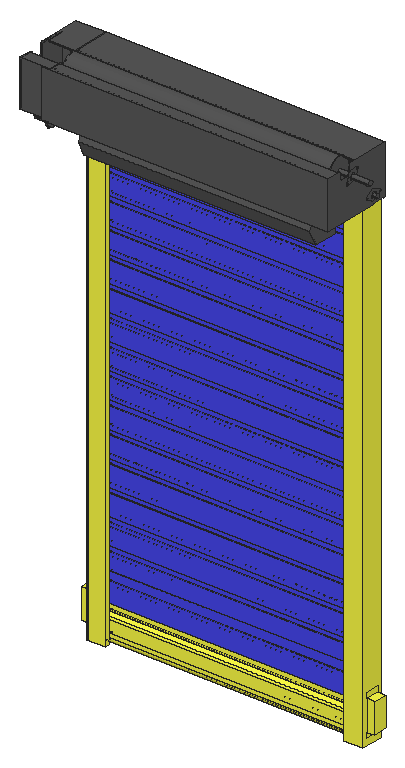
Revit family "Door_Overhead_WD_High-Speed-Doors-887", category Doors, host Wall, Revit 2018
Family settings
  Host = Wall
  OmniClass Number = 23.30.10.00
  OmniClass Title = Doors
  Always vertical = Yes
  Cut with Voids When Loaded = No
  Shared = No
  Room Calculation Point = No
Parameters (values of type "High Speed Freezer Door 887 - Heated Air Curtain")
  Top Box = Finishes - Top Box
  Thickness = 0.000"  # constant formula
  Side Cover = Finishes - Side Cover
  Rough Height = 0.000"  # constant formula
  Shutter Open [instance] = no
  Width = 120.000"
  URL = "https://www.overheaddoor.com/high-speed-doors-998"
  Specification = "https://www.overheaddoor.com/high-speed-doors-997"
  Model = "Overhead Door 997 - Heated Air Curtain"
  Min Max Width = ""
  Min Max Height = ""
  Keynote = ""
  E = 14.08984"
  D = 14.53125"
  Curtain Shutter = Finishes - Curtain Shutter
  Shutter Close [instance] = not(Shutter Open)  # yes
  CAD Details = ""
  C = 22.322"
  B = 31.625"
  Array X1 [instance] = Height  # 216.000"
  Rough Width = 0.000"  # constant formula
  Product Data = "https://www.overheaddoor.com/Documents/high-speed-doors-brochure-997.pdf"
  Manufacturer Website = "https://www.overheaddoor.com/"
  Height = 216.000"
  Wall Closure = By host
  Door Height [instance] = (Array X1 / 14.000") / 1 + 2  # 17
  Copyright = "Arcat, Inc. ©2019"
  Air Curtain = yes
  A = if(and(Height < 96.250", Height < 96.250"), 36.000", 42.000")  # 42.000"
Reference planes (in)
  plane 1 "Center (Front/Back)": y = 0
  plane 2 "Center (Left/Right)": x = 1.59215
  plane 3 "Left": x = -58.40785
  plane 4 "Right": x = 61.59215
  plane 5 "Top": z = 216
  plane 6 "Exterior": y = 3
  plane 7 "Interior": y = -3
  plane 8: x = -65.02678
  plane 9: y = -13.369
  plane 10: x = -64.77678
  plane 11: z = 231.80249
  plane 12: x = -78.43985
  plane 13: x = -78.18985
  plane 14: x = 69.90759
  plane 15: x = 70.15759
  plane 16: y = -23
  plane 17 "2": z = 218.25558
  plane 18 "4": x = 68.21108
  plane 19 "6": x = -55.90784
  plane 20 "7": x = 59.09215
  plane 21 "9": x = 79.46715
  plane 22: y = -26.69351
  plane 23: y = -17.14725
  plane 24: y = -4.20975
  plane 25: z = 240.41176
  plane 26: z = 228.64875
  plane 27: y = -37.5
  plane 28: z = 0
  plane 29: y = -8.1845
  plane 30: z = 16.01528
  plane 31: z = 31.625
  plane 32: z = 247.625
  plane 33: z = 258
  plane 34: z = 238.322
  plane 35: y = -12.16226
  plane 36: y = -11.43541
  plane 37: y = -4.9345
  plane 38: z = 234.322
  plane 39: z = 219.85724
  plane 40: z = 233.94708
  plane 41: y = -31.6785
  plane 42: z = 216
  plane 43 "22": x = 72.21108
  plane 44: x = -69.02678
Forms (in)
  Sweep 1, solid, material "Finishes - Side Cover" <- "Side Cover"
    path origin (18, -3, 48) x (1, 0, 0) y (0, 0, 1)
      loop
        line (-73.90784, -48) -> (-73.90784, 186.322)
    profile origin (-55.90784, -3, 117.161) x (-1, 0, 0) y (0, -1, 0)
      loop
        line (0, 0) -> (9.11893, 0) -> (9.11893, 10.369) -> (0, 10.369) -> (0, 8.43541) -> (0.375, 8.43541) -> (0.375, 9.994) -> (8.74393, 9.994) -> (8.74393, 0.375) -> (0.375, 0.375) -> (0.375, 1.9345) -> (0, 1.9345) -> (0, 0)
  Sweep 2, solid, material "Finishes - Side Cover" <- "Side Cover"
    path origin (18, -3, 48) x (1, 0, 0) y (0, 0, 1)
      loop
        line (41.09215, -48) -> (41.09215, 186.322)
    profile origin (59.09215, -3, 117.161) x (-1, 0, 0) y (0, -1, 0)
      loop
        line (0, 10.369) -> (-9.11893, 10.369) -> (-9.11893, 0) -> (0, 0) -> (0, 1.9345) -> (-0.375, 1.9345) -> (-0.375, 0.375) -> (-8.74397, 0.375) -> (-8.74397, 9.994) -> (-0.375, 9.994) -> (-0.375, 8.43541) -> (0, 8.43541) -> (0, 10.369)
  Extrusion 3, solid, material "Finishes - Side Cover" <- "Side Cover"
    sketch origin (18, -3, 48) x (1, 0, 0) y (0, 0, 1)
      loop
        line (-83.30277, -27.01674) -> (-87.02678, -27.36586) -> (-87.02678, -41.63414) -> (-83.30277, -41.98327) -> (-83.30277, -44.25) -> (-83.02678, -44.25) -> (-83.02678, -24.75) -> (-83.30277, -24.75) -> (-83.30277, -27.01674)
    from 1.9345 to 8.43541
  Extrusion 4, solid, material "Finishes - Side Cover" <- "Side Cover"
    sketch origin (-14.8125, -3, 48) x (-1, 0, 0) y (0, 0, -1)
      loop
        line (-83.30277, 27.01674) -> (-83.30277, 24.75) -> (-83.02358, 24.75) -> (-83.02358, 44.25) -> (-83.30277, 44.25) -> (-83.30277, 41.98327) -> (-87.02358, 41.45797) -> (-87.02358, 27.54203) -> (-83.30277, 27.01674)
    from 1.9345 to 8.43541
  Extrusion 5, solid, material "Finishes - Side Cover" <- "Side Cover"
    sketch origin (1.59215, 0, 0) x (0, 1, 0) y (0, 0, 1)
      loop
        line (-11.43541, 231.80249) -> (-9.89722, 228.64875) -> (-9.14722, 228.64875) -> (-10.68541, 231.80249) -> (-11.43541, 231.80249)
    from -60 to -57.5
  Extrusion 6, solid, material "Finishes - Side Cover" <- "Side Cover"
    sketch origin (1.59215, 0, 0) x (0, 1, 0) y (0, 0, 1)
      loop
        line (-9.14722, 228.64875) -> (-10.68541, 231.80249) -> (-11.43541, 231.80249) -> (-9.89722, 228.64875) -> (-9.14722, 228.64875)
    from 57.5 to 60
Lines and regions (in)
  Opening 1
    outline origin (-90, -3, 0) x (1, 0, 0) y (0, 0, 1)
      loop
        line (31.59215, 0) -> (151.59215, 0) -> (151.59215, 216) -> (31.59215, 216) -> (31.59215, 0)
  model lines, style "Blue Lien"
    curve 1: line (-55.90784, -13.369, 0) -> (59.09215, -13.369, 0)
Text (in)
  text "Exterior" at (-130.69003, 56.06294, 0), in view "Ref. Level"
  text "Interior" at (-74.96733, -25.14366, 0), in view "Ref. Level"
  text "Exterior" at (0, 40.15149, 123.01588), in view "Right"
  text "Interior" at (0, -64.39139, 123.01588), in view "Right"
  text "Interior" at (0, -31.01599, 123.00693), in view "Left"
  text "Exterior" at (0, 54.57065, 123.00693), in view "Left"
Dimensions and locks (in)
  "Height": level to plane 5 "Top"
  locked: plane 9 to host wall at 10.369
  locked: plane 8 to plane 10 at 0.25
  locked: plane 12 to plane 13 at 0.25
  locked: plane 14 to plane 15 at 0.25
  equal spacing: plane 7 "Interior", plane 29, plane 9, locked at 5.1845 each
  equal spacing: group 1, group 3, group 4, group 5, group 6, group 7, group 8, group 9, group 10, group 11, group 12, group 13, group 14, group 15, group 16, group 17, group 2  (x2)
  equal spacing: group 2, group 17, group 16, group 15, group 14, group 13, group 12, group 11, group 10, group 9, group 8, group 7, group 6, group 5, group 4, group 3, group 1
  locked: plane 15 to plane 21 "9" at 9.30957
  locked: Sweep 1 sketch curve to plane 9 at 0.375
  locked: plane 8 to Sweep 1 sketch curve at 0.375
  locked: plane 37 to plane 7 "Interior" at 1.9345
  locked: plane 36 to plane 9 at 1.93359
  plane 5 "Top" to plane 26 to plane 11 to plane 38 to plane 25 = 12.64875" locked, 3.15375" locked, 2.51951" locked, 6.08976" locked
  locked: plane 26 to plane 17 "2" at 10.39317
  "Array X1": plane 28 to plane 5 "Top"
  plane 5 "Top" to plane 25 = 24.41176"
  "A": plane 5 "Top" to plane 33
  "B": plane 5 "Top" to plane 32
  "C": plane 5 "Top" to plane 34
  locked: plane 7 "Interior" to plane 27 at 34.5
  locked: plane 7 "Interior" to plane 16 at 20
  plane 16 to plane 22 = 3.69351"
  locked: plane 31 to plane 30 at 15.60972
  locked: plane 30 to plane 28 at 16.01528
  locked: plane 38 to plane 40 at 0.37492
  "E": plane 40 to plane 39
  "D": plane 41 to plane 23
  locked: plane 41 to plane 27 at 5.8215
  level to plane 5 "Top" = 216.000"
  plane 11 to plane 30 = 215.78721"
  plane 33 to plane 40 = 24.05292"
  locked: plane 42 to plane 5 "Top"
  "Width": plane 3 "Left" to plane 4 "Right"
  locked: plane 3 "Left" to plane 19 "6" at 2.5
  plane 3 "Left" to plane 2 "Center (Left/Right)" = 60.000"
  plane 2 "Center (Left/Right)" to plane 4 "Right" = 60.000"
  locked: plane 20 "7" to plane 4 "Right" at 2.5
  plane 3 "Left" to plane 4 "Right" = 120.000"
  plane 19 "6" to plane 10 = 8.86893"
  locked: plane 20 "7" to plane 18 "4" at 9.11893
  locked: plane 8 to plane 19 "6" at 9.11893
  locked: plane 18 "4" to plane 15 at 1.94651
  plane 19 "6" to plane 20 "7" = 114.99999"  (x2)
  plane 8 to plane 18 "4" = 133.23786"  (x2)
  Extrusion 3 to Extrusion 4 = 141.23786"
  equal spacing: plane 8, plane 2 "Center (Left/Right)", plane 18 "4"
  locked: plane 8 to plane 44 at 4
  locked: plane 18 "4" to plane 43 "22" at 4
  plane 43 "22" to plane 44 = 141.23786"
  plane 12 to plane 3 "Left" = 20.032"
  aligned and locked: plane 3 "Left" to Opening 1 sketch curve
  aligned and locked: plane 5 "Top" to Opening 1 sketch curve  (x2)
  aligned and locked: Opening 1 sketch curve to plane 4 "Right"
  aligned and locked: Opening 1 sketch curve to level
  aligned and locked: plane 6 "Exterior" to host wall
  aligned and locked: plane 7 "Interior" to host wall
  aligned and locked: Sweep 1 sketch curve to plane 19 "6"
  aligned and locked: level to Sweep 1 sketch curve
  aligned and locked: Sweep 1 sketch curve to profile plane
  aligned and locked: profile plane to Sweep 1 sketch curve
  aligned and locked: Sweep 2 sketch curve to plane 20 "7"  (x2)
  aligned and locked: level to Sweep 2 sketch curve
  aligned and locked: Sweep 2 sketch curve to plane 9
  aligned and locked: Sweep 2 sketch curve to plane 7 "Interior"
  aligned and locked: plane 18 "4" to Sweep 2 sketch curve
  aligned and locked: plane 18 "4" to Extrusion 4
  aligned and locked: plane 2 "Center (Left/Right)" to nested 1
  aligned and locked: nested 1 to plane 29
  aligned and locked: nested 3 to plane 30
  aligned and locked: plane 7 "Interior" to nested 5
  aligned and locked: plane 2 "Center (Left/Right)" to nested 5
  aligned and locked: nested 5 to plane 5 "Top"  (x2)
  aligned and locked: Sweep 1 sketch curve to plane 9
  aligned and locked: Sweep 1 sketch curve to plane 8
  aligned and locked: plane 36 to Sweep 1 sketch curve
  aligned and locked: plane 37 to Sweep 1 sketch curve
  aligned and locked: Sweep 2 sketch curve to plane 37
  aligned and locked: Sweep 2 sketch curve to plane 36
  aligned and locked: nested 3 to plane 29
  aligned and locked: nested 2 to plane 29
  aligned and locked: plane 11 to nested 2
  aligned and locked: plane 38 to Sweep 1 sketch curve
  aligned and locked: plane 38 to Sweep 2 sketch curve
  aligned and locked: plane 26 to Extrusion 5 sketch curve
  aligned and locked: Extrusion 5 sketch curve to plane 11
  aligned and locked: Extrusion 5 sketch curve to plane 26
  aligned and locked: Extrusion 6 sketch curve to Extrusion 5  (x4)
  aligned and locked: Extrusion 6 to plane 4 "Right"
  aligned and locked: plane 20 "7" to Extrusion 6
  aligned and locked: plane 3 "Left" to Extrusion 5
  aligned and locked: Extrusion 5 to plane 19 "6"
  aligned and locked: plane 19 "6" to curve 1
  aligned and locked: plane 20 "7" to curve 1
  aligned and locked: curve 1 to plane 9
  aligned and locked: Extrusion 3 to plane 36
  aligned and locked: plane 37 to Extrusion 3
  aligned and locked: plane 37 to Extrusion 4
  aligned and locked: Extrusion 4 to plane 36
  aligned and locked: nested 12 to plane 5 "Top"
  aligned and locked: nested 12 to plane 29
  aligned and locked: host wall to plane 5 "Top"
  aligned and locked: plane 2 "Center (Left/Right)" to nested 16
  aligned and locked: plane 2 "Center (Left/Right)" to nested 17
  aligned and locked: plane 2 "Center (Left/Right)" to nested 18
  aligned and locked: plane 2 "Center (Left/Right)" to nested 19
  aligned and locked: plane 2 "Center (Left/Right)" to nested 20
  aligned and locked: plane 2 "Center (Left/Right)" to nested 4
  aligned and locked: plane 2 "Center (Left/Right)" to nested 3
  aligned and locked: plane 2 "Center (Left/Right)" to nested 2
  aligned and locked: Extrusion 4 to plane 43 "22"  (x3)
  aligned and locked: Extrusion 3 to plane 44  (x4)
Automatic sketch dimensions
  Sweep 1 sketch curve to profile plane = 0.000"
  Sweep 1 sketch curve to Sweep 1 sketch curve = 0.375"  (x2)
  plane 7 "Interior" to Sweep 1 sketch curve = 0.375"
  Sweep 2 sketch curve to profile plane = 0.000"
  Sweep 2 sketch curve to Sweep 2 sketch curve = 0.37497"
  profile plane to Sweep 2 sketch curve = 0.375"  (x2)
  plane 7 "Interior" to Sweep 2 sketch curve = 0.375"
  Sweep 2 sketch curve to Sweep 2 sketch curve = 0.375"
  Extrusion 3 sketch curve to plane 8 = 0.000"
  Extrusion 3 sketch curve to plane 8 = 0.27599"  (x2)
  level to Extrusion 3 sketch curve = 3.750"
  Extrusion 3 sketch curve to Extrusion 3 sketch curve = 2.26673"  (x2)
  Extrusion 3 sketch curve to Extrusion 3 sketch curve = 0.34912"  (x2)
  Extrusion 3 sketch curve to Extrusion 3 sketch curve = 14.26828"
  plane 18 "4" to Extrusion 4 sketch curve = 0.000"
  Extrusion 4 sketch curve to Extrusion 4 sketch curve = 0.27919"  (x2)
  level to Extrusion 4 sketch curve = 23.250"
  Extrusion 4 sketch curve to Extrusion 4 sketch curve = 2.26673"  (x2)
  Extrusion 4 sketch curve to Extrusion 4 sketch curve = 0.5253"  (x2)
  level to Extrusion 4 sketch curve = 6.54203"
  Extrusion 3 sketch curve to Extrusion 3 sketch curve = 3.72401"
  Extrusion 5 sketch curve to plane 36 = 0.000"
  plane 36 to Extrusion 5 sketch curve = 0.750"
  plane 36 to Extrusion 5 sketch curve = 1.53818"
  Extrusion 5 sketch curve to Extrusion 5 sketch curve = 0.750"
  plane 43 "22" to Extrusion 4 sketch curve = 0.000"
Nested families (in)
  nested 1: "Roller02" at (1.59215, -8.1845, 0), Lenght <- "Width", visible <- "Shutter Close", type "Roller02"
    with Lenght 120.000"
  nested 2: "Roller01" at (1.59215, -8.1845, 217.1775), Lenght <- "Width", visible <- "Shutter Close", type "Roller01"
    with Lenght 120.000"
  nested 3: "Roller01" at (1.59215, -8.1845, 16.01528), Lenght <- "Width", visible <- "Shutter Close", type "Roller01"
    with Lenght 120.000"
  nested 4: "Roller01" at (1.59215, -8.1845, 204.60486), Lenght <- "Width", visible <- "Shutter Close", type "Roller01"
    with Lenght 120.000"
  nested 5: "Roller Box" at (0.19519, -3, 216), type "Roller Box"
    with Width 120.000", Air Curtain yes
  nested 6: "Roller01" at (1.59215, -8.1845, 192.03222), Lenght <- "Width", visible <- "Shutter Close", type "Roller01"
    with Lenght 120.000"
  nested 7: "Roller01" at (1.59215, -8.1845, 179.45958), Lenght <- "Width", visible <- "Shutter Close", type "Roller01"
    with Lenght 120.000"
  nested 8: "Roller01" at (1.59215, -8.1845, 166.88694), Lenght <- "Width", visible <- "Shutter Close", type "Roller01"
    with Lenght 120.000"
  nested 9: "Roller01" at (1.59215, -8.1845, 154.31431), Lenght <- "Width", visible <- "Shutter Close", type "Roller01"
    with Lenght 120.000"
  nested 10: "Roller01" at (1.59215, -8.1845, 141.74167), Lenght <- "Width", visible <- "Shutter Close", type "Roller01"
    with Lenght 120.000"
  nested 11: "Roller01" at (1.59215, -8.1845, 129.16903), Lenght <- "Width", visible <- "Shutter Close", type "Roller01"
    with Lenght 120.000"
  nested 12: "Roller02" at (1.59215, -8.1845, 216), Lenght <- "Width", visible <- "Shutter Open", type "Roller02"
    with Lenght 120.000"
  nested 13: "Roller01" at (1.59215, -8.1845, 116.59639), Lenght <- "Width", visible <- "Shutter Close", type "Roller01"
    with Lenght 120.000"
  nested 14: "Roller01" at (1.59215, -8.1845, 104.02375), Lenght <- "Width", visible <- "Shutter Close", type "Roller01"
    with Lenght 120.000"
  nested 15: "Roller01" at (1.59215, -8.1845, 91.45111), Lenght <- "Width", visible <- "Shutter Close", type "Roller01"
    with Lenght 120.000"
  nested 16: "Roller01" at (1.59215, -8.1845, 78.87847), Lenght <- "Width", visible <- "Shutter Close", type "Roller01"
    with Lenght 120.000"
  nested 17: "Roller01" at (1.59215, -8.1845, 66.30584), Lenght <- "Width", visible <- "Shutter Close", type "Roller01"
    with Lenght 120.000"
  nested 18: "Roller01" at (1.59215, -8.1845, 53.7332), Lenght <- "Width", visible <- "Shutter Close", type "Roller01"
    with Lenght 120.000"
  nested 19: "Roller01" at (1.59215, -8.1845, 41.16056), Lenght <- "Width", visible <- "Shutter Close", type "Roller01"
    with Lenght 120.000"
  nested 20: "Roller01" at (1.59215, -8.1845, 28.58792), Lenght <- "Width", visible <- "Shutter Close", type "Roller01"
    with Lenght 120.000"
Definition of nested family "Roller02"
  Parameters (values of type "Roller02")
    Lenght [instance] = 60.000"
    Frame = none
    Default Elevation = 48.000"
  Reference planes (in)
    plane 1 "Center (Front/Back)": y = 0
    plane 2: z = 0
    plane 3 "Center (Left/Right)": x = 0
    plane 4: x = -30
    plane 5: x = 30
    plane 6: z = 0
  Forms (in)
    Extrusion 1, solid, material <- "Frame"
      sketch origin (0, 1.61561, 0) x (0, 1, 0) y (0, 0, 1)
        loop
          line (-0.92561, 16.01528) -> (-1.99311, 16.01528) -> (-1.99311, 8.70278) -> (-3.70242, 8.70278) -> (-3.70242, 4.01528) -> (-2.34776, 4.01528) -> (-2.34776, 1.07778)
          arc (-2.34776, 1.07778) -> (-1.38433, 0.11435) -> (-0.4209, 1.07778) r 0.96343
          line (-0.4209, 1.07778) -> (-0.4209, 4.01528) -> (0.88878, 4.01528) -> (0.88878, 8.70278) -> (-0.92561, 8.70278) -> (-0.92561, 16.01528)
        loop
          line (1.28889, 7.28978) -> (1.28889, 5.03978) -> (1.44095, 5.03978) -> (1.44095, 7.28978) -> (1.28889, 7.28978)
        loop
          line (-4.09311, 7.28978) -> (-4.24311, 7.28978) -> (-4.24311, 5.03978) -> (-4.09311, 5.03978) -> (-4.09311, 7.28978)
        loop
          line (0.51633, 8.32778) -> (-3.42118, 8.32778) -> (-3.42118, 7.95278) -> (0.51633, 7.95278) -> (0.51633, 8.32778)
        loop
          line (-0.32742, 6.45278) -> (-2.57742, 6.45278) -> (-2.57742, 4.20278) -> (-0.32742, 4.20278) -> (-0.32742, 6.45278)
        loop
          arc (-1.99507, 2.03398) -> (-1.35867, 1.58398) -> (-0.72228, 2.03398) r 0.675
          line (-0.72228, 2.03398) -> (-0.76408, 2.55814) -> (-0.88905, 2.55814)
          arc (-0.88905, 2.55814) -> (-1.00155, 2.67064) -> (-0.88905, 2.78314) r 0.1125
          line (-0.88905, 2.78314) -> (-0.78203, 2.78314) -> (-0.79705, 2.97148) -> (-1.04856, 3.03648) -> (-1.66878, 3.03648) -> (-1.9203, 2.97148) -> (-1.93532, 2.78314) -> (-1.8283, 2.78314)
          arc (-1.8283, 2.78314) -> (-1.7158, 2.67064) -> (-1.8283, 2.55814) r 0.1125
          line (-1.8283, 2.55814) -> (-1.95327, 2.55814) -> (-1.99507, 2.03398)
        loop
          arc (-1.65128, 0.64454) -> (-1.35867, 0.5765) -> (-1.06607, 0.64454) r 0.66319
          line (-1.06607, 0.64454) -> (-1.27028, 1.00309)
          arc (-1.27028, 1.00309) -> (-1.30233, 0.99601) -> (-1.33492, 0.9921) r 0.33653
          arc (-1.33492, 0.9921) -> (-1.35867, 0.9911) -> (-1.38242, 0.9921) r 0.28076
          arc (-1.38242, 0.9921) -> (-1.41502, 0.99601) -> (-1.44707, 1.00309) r 0.33653
          line (-1.44707, 1.00309) -> (-1.65128, 0.64454)
        loop
          arc (-1.50069, 1.50346) -> (-1.80107, 1.63028) -> (-2.02186, 1.87019) r 0.76875
          line (-2.02186, 1.87019) -> (-2.02186, 1.23969)
          arc (-2.02186, 1.23969) -> (-1.94057, 0.92154) -> (-1.71661, 0.68139) r 0.66319
          line (-1.71661, 0.68139) -> (-1.51683, 1.03215)
          arc (-1.51683, 1.03215) -> (-1.66134, 1.27303) -> (-1.50069, 1.50346) r 0.25843
        loop
          arc (-1.21666, 1.50346) -> (-1.05601, 1.27303) -> (-1.20052, 1.03215) r 0.25843
          line (-1.20052, 1.03215) -> (-1.00074, 0.68139)
          arc (-1.00074, 0.68139) -> (-0.77678, 0.92154) -> (-0.69549, 1.23969) r 0.66319
          line (-0.69549, 1.23969) -> (-0.69549, 1.87019)
          arc (-0.69549, 1.87019) -> (-0.91628, 1.63028) -> (-1.21666, 1.50346) r 0.76875
        loop
          line (-1.09293, 3.15898) -> (-1.09293, 3.30662) -> (-0.7493, 3.30662) -> (-0.7493, 3.89717) -> (-1.97875, 3.89717) -> (-1.97875, 3.30662) -> (-1.62442, 3.30662) -> (-1.62442, 3.15898) -> (-2.09686, 3.15898) -> (-2.09686, 1.23969)
          arc (-2.09686, 1.23969) -> (-1.35867, 0.5015) -> (-0.62048, 1.23969) r 0.73819
          line (-0.62048, 1.23969) -> (-0.62048, 3.15898) -> (-1.09293, 3.15898)
        loop
          line (-2.09686, 4.01528) -> (-2.09686, 3.18851) -> (-2.18544, 3.18851) -> (-2.18544, 1.24136)
          arc (-2.18544, 1.24136) -> (-1.35951, 0.41292) -> (-0.5319, 1.23969) r 0.82677
          line (-0.5319, 1.23969) -> (-0.5319, 3.18779) -> (-0.62048, 3.18949) -> (-0.62048, 4.01528) -> (-2.09686, 4.01528)
        loop
          circle (-1.35867, 3.26628) r 0.1125
        loop
          line (-2.8118, 4.20278) -> (-2.8118, 7.19305) -> (-3.1868, 7.19305) -> (-3.1868, 4.20278) -> (-2.8118, 4.20278)
        loop
          line (0.18072, 7.19305) -> (-0.1868, 7.19305) -> (-0.1868, 4.20278) -> (0.18072, 4.20278) -> (0.18072, 7.19305)
      from -30 to 30
    Extrusion 2, solid, material <- "Frame"
      sketch origin (0, 1.61561, 0) x (0, 1, 0) y (0, 0, 1)
        loop
          arc (-3.7071, 11.82114) -> (-4.14569, 11.3006) -> (-4.30311, 10.63838) r 1.47156
          line (-4.30311, 10.63838) -> (-4.30311, 5.03978) -> (-4.24311, 5.03978) -> (-4.24311, 10.63838)
          arc (-4.24311, 10.63838) -> (-4.0921, 11.2736) -> (-3.6714, 11.77291) r 1.41156
          line (-3.6714, 11.77291) -> (-2.01741, 12.99729)
          arc (-2.01741, 12.99729) -> (-1.99953, 13.01852) -> (-1.99311, 13.04552) r 0.06
          line (-1.99311, 13.04552) -> (-1.99311, 16.01528) -> (-2.05311, 16.01528) -> (-2.05311, 13.04552) -> (-3.7071, 11.82114)
        loop
          arc (1.50095, 10.63838) -> (1.34352, 11.3006) -> (0.90493, 11.82114) r 1.47156
          line (0.90493, 11.82114) -> (-0.86561, 13.1318) -> (-0.86561, 16.01528) -> (-0.92561, 16.01528) -> (-0.92561, 13.1233)
          arc (-0.92561, 13.1233) -> (-0.91919, 13.0963) -> (-0.90131, 13.07508) r 0.06
          line (-0.90131, 13.07508) -> (0.86924, 11.76441)
          arc (0.86924, 11.76441) -> (1.28994, 11.2651) -> (1.44095, 10.62989) r 1.41156
          line (1.44095, 10.62989) -> (1.44095, 5.03978) -> (1.50095, 5.03978) -> (1.50095, 10.63838)
        loop
          line (-4.03311, 2.68718) -> (-4.03311, 7.28978) -> (-4.09311, 7.28978) -> (-4.09311, 2.68718)
          arc (-4.09311, 2.68718) -> (-1.40211, -0.00382) -> (1.28889, 2.68718) r 2.691
          line (1.28889, 2.68718) -> (1.28889, 7.28978) -> (1.22889, 7.28978) -> (1.22889, 2.68718)
          arc (1.22889, 2.68718) -> (-1.40211, 0.05618) -> (-4.03311, 2.68718) r 2.631
      from -30 to 30
  Dimensions and locks (in)
    equal spacing: plane 5, plane 3 "Center (Left/Right)", plane 4
    "Lenght": plane 5 to plane 4
    aligned and locked: plane 2 to level
    aligned and locked: plane 5 to Extrusion 1
    aligned and locked: plane 5 to Extrusion 2
    aligned and locked: Extrusion 1 to plane 4
    aligned and locked: Extrusion 2 to plane 4
    aligned and locked: Extrusion 1 to plane 5
    aligned and locked: plane 4 to Extrusion 1
    aligned and locked: Extrusion 2 to Extrusion 1 sketch curve
    aligned and locked: level to plane 6
  Automatic sketch dimensions
    Extrusion 2 sketch curve to Extrusion 2 sketch curve = 0.000"  (x9)
    plane 1 "Center (Front/Back)" to Extrusion 2 sketch curve = 2.6875"
    Extrusion 2 sketch curve to Extrusion 2 sketch curve = 0.060"  (x5)
    Extrusion 2 sketch curve to Extrusion 2 sketch curve = 0.53601"
    Extrusion 2 sketch curve to Extrusion 2 sketch curve = 0.0357"  (x3)
    Extrusion 2 sketch curve to Extrusion 2 sketch curve = 1.41156"
    plane 1 "Center (Front/Back)" to Extrusion 2 sketch curve = 0.4375"
    level to Extrusion 2 sketch curve = 5.03978"  (x2)
    Extrusion 2 sketch curve to Extrusion 2 sketch curve = 5.5986"
    Extrusion 2 sketch curve to Extrusion 2 sketch curve = 1.22438"
    Extrusion 2 sketch curve to Extrusion 2 sketch curve = 2.96976"
    Extrusion 2 sketch curve to Extrusion 2 sketch curve = 0.0085"  (x2)
    Extrusion 2 sketch curve to plane 1 "Center (Front/Back)" = 0.690"
    Extrusion 2 sketch curve to Extrusion 2 sketch curve = 0.0243"
    Extrusion 2 sketch curve to plane 1 "Center (Front/Back)" = 1.645"
    Extrusion 2 sketch curve to plane 1 "Center (Front/Back)" = 2.48485"
    Extrusion 2 sketch curve to plane 1 "Center (Front/Back)" = 3.05656"
    Extrusion 2 sketch curve to Extrusion 2 sketch curve = 2.36741"
    Extrusion 2 sketch curve to Extrusion 2 sketch curve = 0.02956"
    Extrusion 2 sketch curve to Extrusion 2 sketch curve = 0.150"
    Extrusion 2 sketch curve to plane 1 "Center (Front/Back)" = 0.2135"
    level to Extrusion 2 sketch curve = 2.68718"
    Extrusion 2 sketch curve to Extrusion 2 sketch curve = 2.250"  (x2)
    Extrusion 1 sketch curve to Extrusion 1 sketch curve = 0.000"  (x38)
    plane 1 "Center (Front/Back)" to Extrusion 1 sketch curve = 2.6275"
    Extrusion 1 sketch curve to Extrusion 1 sketch curve = 0.150"
    Extrusion 1 sketch curve to Extrusion 1 sketch curve = 0.39068"
    Extrusion 1 sketch curve to Extrusion 1 sketch curve = 0.28125"
    Extrusion 1 sketch curve to Extrusion 1 sketch curve = 0.23438"  (x2)
    Extrusion 1 sketch curve to Extrusion 1 sketch curve = 0.375"  (x3)
    plane 1 "Center (Front/Back)" to Extrusion 1 sketch curve = 0.73215"
    plane 1 "Center (Front/Back)" to Extrusion 1 sketch curve = 0.56984"
    Extrusion 1 sketch curve to Extrusion 1 sketch curve = 0.08858"  (x2)
    plane 1 "Center (Front/Back)" to Extrusion 1 sketch curve = 0.40625"
    Extrusion 1 sketch curve to Extrusion 1 sketch curve = 0.02679"  (x2)
    plane 1 "Center (Front/Back)" to Extrusion 1 sketch curve = 0.3775"
    Extrusion 1 sketch curve to Extrusion 1 sketch curve = 0.11811"  (x3)
    plane 1 "Center (Front/Back)" to Extrusion 1 sketch curve = 0.33766"
    Extrusion 1 sketch curve to Extrusion 1 sketch curve = 0.01794"
    Extrusion 1 sketch curve to Extrusion 1 sketch curve = 0.01502"
    Extrusion 1 sketch curve to Extrusion 1 sketch curve = 0.12497"  (x2)
    plane 1 "Center (Front/Back)" to Extrusion 1 sketch curve = 0.101"
    plane 1 "Center (Front/Back)" to Extrusion 1 sketch curve = 0.05318"
    plane 1 "Center (Front/Back)" to Extrusion 1 sketch curve = 0.03567"
    plane 1 "Center (Front/Back)" to Extrusion 1 sketch curve = 0.00881"
    Extrusion 1 sketch curve to plane 1 "Center (Front/Back)" = 0.09878"
    Extrusion 1 sketch curve to Extrusion 1 sketch curve = 0.06976"  (x2)
    Extrusion 1 sketch curve to plane 1 "Center (Front/Back)" = 0.21254"
    Extrusion 1 sketch curve to Extrusion 1 sketch curve = 0.06274"
    Extrusion 1 sketch curve to Extrusion 1 sketch curve = 0.04436"  (x2)
    Extrusion 1 sketch curve to plane 1 "Center (Front/Back)" = 0.25693"  (x2)
    Extrusion 1 sketch curve to Extrusion 1 sketch curve = 0.04439"  (x2)
    Extrusion 1 sketch curve to Extrusion 1 sketch curve = 0.00006"
    Extrusion 1 sketch curve to Extrusion 1 sketch curve = 0.11405"
    Extrusion 1 sketch curve to Extrusion 1 sketch curve = 0.26575"
    Extrusion 1 sketch curve to Extrusion 1 sketch curve = 0.13445"
    Extrusion 1 sketch curve to Extrusion 1 sketch curve = 0.06533"
    Extrusion 1 sketch curve to plane 1 "Center (Front/Back)" = 0.690"
    Extrusion 1 sketch curve to Extrusion 1 sketch curve = 0.15952"
    Extrusion 1 sketch curve to Extrusion 1 sketch curve = 0.092"
    Extrusion 1 sketch curve to Extrusion 1 sketch curve = 0.10702"
    Extrusion 1 sketch curve to Extrusion 1 sketch curve = 0.3284"
    Extrusion 1 sketch curve to Extrusion 1 sketch curve = 0.0418"
    Extrusion 1 sketch curve to Extrusion 1 sketch curve = 0.12882"
    Extrusion 1 sketch curve to plane 1 "Center (Front/Back)" = 1.28818"
    Extrusion 1 sketch curve to Extrusion 1 sketch curve = 0.14062"
    Extrusion 1 sketch curve to Extrusion 1 sketch curve = 0.36752"
    Extrusion 1 sketch curve to Extrusion 1 sketch curve = 0.33561"
    Extrusion 1 sketch curve to Extrusion 1 sketch curve = 0.37246"
    Extrusion 1 sketch curve to Extrusion 1 sketch curve = 0.77257"
    Extrusion 1 sketch curve to Extrusion 1 sketch curve = 0.15206"
    Extrusion 1 sketch curve to Extrusion 1 sketch curve = 7.3125"
    Extrusion 1 sketch curve to Extrusion 1 sketch curve = 0.663"  (x2)
    Extrusion 1 sketch curve to Extrusion 1 sketch curve = 0.75974"  (x2)
    Extrusion 1 sketch curve to Extrusion 1 sketch curve = 0.74026"
    Extrusion 1 sketch curve to Extrusion 1 sketch curve = 2.250"
    Extrusion 1 sketch curve to Extrusion 1 sketch curve = 1.413"
    Extrusion 1 sketch curve to Extrusion 1 sketch curve = 0.837"  (x2)
    Extrusion 1 sketch curve to Extrusion 1 sketch curve = 0.1875"  (x4)
    Extrusion 1 sketch curve to Extrusion 1 sketch curve = 0.59055"
    Extrusion 1 sketch curve to Extrusion 1 sketch curve = 0.04033"
    Extrusion 1 sketch curve to Extrusion 1 sketch curve = 0.11713"
    Extrusion 1 sketch curve to Extrusion 1 sketch curve = 0.0017"
    Extrusion 1 sketch curve to Extrusion 1 sketch curve = 0.14764"  (x2)
    Extrusion 1 sketch curve to Extrusion 1 sketch curve = 0.1225"
    Extrusion 1 sketch curve to Extrusion 1 sketch curve = 0.18835"  (x2)
    Extrusion 1 sketch curve to Extrusion 1 sketch curve = 0.1125"  (x2)
    Extrusion 1 sketch curve to Extrusion 1 sketch curve = 0.29915"
    Extrusion 1 sketch curve to Extrusion 1 sketch curve = 0.52415"
    Extrusion 1 sketch curve to Extrusion 1 sketch curve = 0.16379"  (x2)
    Extrusion 1 sketch curve to Extrusion 1 sketch curve = 0.5424"
    Extrusion 1 sketch curve to Extrusion 1 sketch curve = 0.05594"
    Extrusion 1 sketch curve to Extrusion 1 sketch curve = 0.00766"  (x2)
    Extrusion 1 sketch curve to Extrusion 1 sketch curve = 0.62883"
    Extrusion 1 sketch curve to Extrusion 1 sketch curve = 0.0245"
    Extrusion 1 sketch curve to Extrusion 1 sketch curve = 0.16191"
    Extrusion 1 sketch curve to Extrusion 1 sketch curve = 0.04563"  (x2)
    Extrusion 1 sketch curve to Extrusion 1 sketch curve = 0.02907"  (x2)
    Extrusion 1 sketch curve to Extrusion 1 sketch curve = 0.03684"
    Extrusion 1 sketch curve to Extrusion 1 sketch curve = 0.06465"
    radius of Extrusion 1 sketch curve = 0.1125"
Definition of nested family "Roller01"
  Parameters (values of type "Roller01")
    Lenght [instance] = 60.000"
    Frame = none
    Default Elevation = 48.000"
  Reference planes (in)
    plane 1 "Center (Front/Back)": y = 0
    plane 2: z = 0
    plane 3 "Center (Left/Right)": x = 0
    plane 4: x = -30
    plane 5: x = 30
  Forms (in)
    Extrusion 1, solid, material <- "Frame"
      sketch origin (0, 1.55905, 0) x (0, 1, 0) y (0, 0, 1)
        loop
          line (-1.18405, 8.4375) -> (-1.93405, 8.4375) -> (-1.93405, 0) -> (-1.18405, 0) -> (-1.18405, 8.4375)
        loop
          line (-0.05905, 13.21875) -> (-0.80905, 13.21875) -> (-0.80905, 8.53125) -> (-0.05905, 8.53125) -> (-0.05905, 13.21875)
      from -30 to 30
    Extrusion 2, solid, material <- "Frame"
      sketch origin (0, 1.55905, 0) x (0, 1, 0) y (0, 0, 1)
        loop
          line (-1.86647, 10.05367) -> (-0.9195, 9.05424)
          arc (-0.9195, 9.05424) -> (-0.88143, 8.99469) -> (-0.86811, 8.92528) r 0.1875
          line (-0.86811, 8.92528) -> (-0.86811, 0) -> (-0.80905, 0) -> (-0.80905, 7.125) -> (-0.75, 7.125) -> (-0.75, 7.73265)
          arc (-0.75, 7.73265) -> (-0.72488, 7.8264) -> (-0.65625, 7.89503) r 0.1875
          line (-0.65625, 7.89503) -> (-0.12328, 8.20274)
          arc (-0.12328, 8.20274) -> (-0.03303, 8.29298) -> (0, 8.41626) r 0.24656
          line (0, 8.41626) -> (0, 13.33373)
          arc (0, 13.33373) -> (-0.03303, 13.45701) -> (-0.12328, 13.54725) r 0.24656
          line (-0.12328, 13.54725) -> (-0.65625, 13.85497)
          arc (-0.65625, 13.85497) -> (-0.72488, 13.9236) -> (-0.75, 14.01735) r 0.1875
          line (-0.75, 14.01735) -> (-0.75, 14.625) -> (-0.80905, 14.625) -> (-0.80905, 14.01735)
          arc (-0.80905, 14.01735) -> (-0.77602, 13.89407) -> (-0.68578, 13.80382) r 0.24656
          line (-0.68578, 13.80382) -> (-0.1528, 13.49611)
          arc (-0.1528, 13.49611) -> (-0.08417, 13.42748) -> (-0.05905, 13.33373) r 0.1875
          line (-0.05905, 13.33373) -> (-0.05905, 8.41626)
          arc (-0.05905, 8.41626) -> (-0.08417, 8.32251) -> (-0.1528, 8.25388) r 0.1875
          line (-0.1528, 8.25388) -> (-0.68578, 7.94617)
          arc (-0.68578, 7.94617) -> (-0.77602, 7.85593) -> (-0.80905, 7.73265) r 0.24656
          line (-0.80905, 7.73265) -> (-0.80905, 8.92528)
          arc (-0.80905, 8.92528) -> (-0.82657, 9.01655) -> (-0.87663, 9.09486) r 0.24656
          line (-0.87663, 9.09486) -> (-1.82361, 10.09429)
          arc (-1.82361, 10.09429) -> (-1.86168, 10.15384) -> (-1.875, 10.22325) r 0.1875
          line (-1.875, 10.22325) -> (-1.875, 10.77674)
          arc (-1.875, 10.77674) -> (-1.86168, 10.84615) -> (-1.82361, 10.9057) r 0.1875
          line (-1.82361, 10.9057) -> (-0.87663, 11.90514)
          arc (-0.87663, 11.90514) -> (-0.82657, 11.98344) -> (-0.80905, 12.07472) r 0.24656
          line (-0.80905, 12.07472) -> (-0.80905, 12.56885) -> (-0.86811, 12.56885) -> (-0.86811, 12.07472)
          arc (-0.86811, 12.07472) -> (-0.88143, 12.00531) -> (-0.9195, 11.94576) r 0.1875
          line (-0.9195, 11.94576) -> (-1.86647, 10.94632)
          arc (-1.86647, 10.94632) -> (-1.91654, 10.86802) -> (-1.93405, 10.77674) r 0.24656
          line (-1.93405, 10.77674) -> (-1.93405, 14.625) -> (-1.99311, 14.625) -> (-1.99311, 0) -> (-1.93405, 0) -> (-1.93405, 10.22325)
          arc (-1.93405, 10.22325) -> (-1.91654, 10.13198) -> (-1.86647, 10.05367) r 0.24656
      from -30 to 30
  Dimensions and locks (in)
    equal spacing: plane 5, plane 3 "Center (Left/Right)", plane 4
    "Lenght": plane 5 to plane 4
    aligned and locked: plane 2 to level
    aligned and locked: plane 5 to Extrusion 1
    aligned and locked: plane 5 to Extrusion 2
    aligned and locked: Extrusion 1 to plane 4
    aligned and locked: Extrusion 2 to plane 4
    aligned and locked: Extrusion 1 to plane 5
    aligned and locked: plane 4 to Extrusion 1
    aligned and locked: Extrusion 2 sketch curve to Extrusion 1  (x2)
  Automatic sketch dimensions
    Extrusion 1 sketch curve to level = 0.000"
    plane 1 "Center (Front/Back)" to Extrusion 1 sketch curve = 0.375"
    Extrusion 1 sketch curve to Extrusion 1 sketch curve = 0.750"
    Extrusion 1 sketch curve to Extrusion 1 sketch curve = 0.375"
    Extrusion 1 sketch curve to plane 1 "Center (Front/Back)" = 1.500"
    level to Extrusion 1 sketch curve = 8.4375"
    Extrusion 1 sketch curve to Extrusion 1 sketch curve = 0.09375"
    Extrusion 1 sketch curve to Extrusion 1 sketch curve = 4.6875"
    Extrusion 2 sketch curve to Extrusion 2 sketch curve = 0.000"  (x20)
    Extrusion 2 sketch curve to level = 0.000"
    Extrusion 2 sketch curve to Extrusion 2 sketch curve = 0.05906"  (x8)
    Extrusion 2 sketch curve to Extrusion 2 sketch curve = 0.00852"  (x2)
    Extrusion 2 sketch curve to Extrusion 2 sketch curve = 0.04287"  (x4)
    plane 1 "Center (Front/Back)" to Extrusion 2 sketch curve = 0.12844"  (x2)
    Extrusion 2 sketch curve to plane 1 "Center (Front/Back)" = 0.50345"  (x2)
    Extrusion 2 sketch curve to Extrusion 2 sketch curve = 0.13611"  (x2)
    Extrusion 2 sketch curve to Extrusion 2 sketch curve = 0.1875"  (x2)
    Extrusion 2 sketch curve to plane 1 "Center (Front/Back)" = 0.69095"
    Extrusion 2 sketch curve to plane 1 "Center (Front/Back)" = 0.750"
    Extrusion 2 sketch curve to Extrusion 2 sketch curve = 0.06422"  (x2)
    Extrusion 2 sketch curve to Extrusion 2 sketch curve = 0.02953"  (x4)
    Extrusion 2 sketch curve to Extrusion 2 sketch curve = 0.09375"  (x4)
    Extrusion 2 sketch curve to Extrusion 2 sketch curve = 0.43922"  (x2)
    level to Extrusion 2 sketch curve = 7.125"
    Extrusion 2 sketch curve to Extrusion 2 sketch curve = 0.60765"  (x3)
    Extrusion 2 sketch curve to Extrusion 2 sketch curve = 0.05114"
    Extrusion 2 sketch curve to Extrusion 2 sketch curve = 0.30771"  (x2)
    Extrusion 2 sketch curve to Extrusion 2 sketch curve = 0.50901"
    Extrusion 2 sketch curve to Extrusion 2 sketch curve = 0.99944"  (x2)
    Extrusion 2 sketch curve to Extrusion 2 sketch curve = 0.04062"  (x2)
    Extrusion 2 sketch curve to Extrusion 2 sketch curve = 0.55349"
    Extrusion 2 sketch curve to Extrusion 2 sketch curve = 0.49413"
    Extrusion 2 sketch curve to Extrusion 2 sketch curve = 0.76488"
Definition of nested family "Roller Box"
  Parameters (values of type "Roller Box")
    Width = 116.94651"
    Air Curtain = no
    Frame Finish = none
    E = 14.08984"
    Default Elevation = 48.000"
    D = 14.53125"
    C = 22.322"
    B = 31.625"
    A = 42.000"
  Reference planes (in)
    plane 1 "Center (Front/Back)": y = 0
    plane 2: z = 0
    plane 3 "Center (Left/Right)": x = 1.39697
    plane 4 "Left": x = -52.82629
    plane 5 "Right": x = 55.62022
    plane 6: x = -62.75479
    plane 7: x = -62.50479
    plane 8: z = 42
    plane 9: z = 17.94708
    plane 10: x = -77.10816
    plane 11: x = -76.85816
    plane 12: x = 68.37022
    plane 13: x = 68.62022
    plane 14 "2": z = 3.85724
    plane 15 "4": x = 62.49522
    plane 16 "5": x = -66.04878
    plane 17 "8": x = 70.87022
    plane 18 "9": x = 77.74522
    plane 19: z = 35.875
    plane 20: z = 22.322
    plane 21 "10": x = -67.1395
    plane 22 "11": x = -68.37966
    plane 23 "12": x = -68.97434
    plane 24 "13": x = -75.79071
    plane 25: z = 14.79333
    plane 26 "14": x = -71.91571
    plane 27: y = -9.16226
    plane 28: y = -23.69351
    plane 29 "Center L/S": z = 10.90216
    plane 30: y = -20
    plane 31: y = -34.5
    plane 32: y = -7.18
    plane 33: z = 0
    plane 34: y = -15.1425
    plane 35: y = -5.10187
    plane 36: z = 40.0036
    plane 37: z = 24.125
    plane 38: y = -4.42969
    plane 39 "Center L/T": x = 68.84825
    plane 40: x = -77.35816
    plane 41: z = 13.74646
    plane 42: y = -28.69351
    plane 43: y = -14.16226
    plane 44 "Center L/U": x = 59.87022
    plane 45 "Center L/V": x = -57.07629
  Forms (in)
    Extrusion 1, solid, material <- "Frame Finish"
      sketch origin (1.39697, 20.25, -174.46648) x (0, 1, 0) y (0, 0, 1)
        loop
          line (-54.75, 215.28539) -> (-54.75, 192.78848) -> (-54.375, 192.78848) -> (-54.375, 214.91039) -> (-48.4737, 214.91039) -> (-48.4737, 215.28539) -> (-54.75, 215.28539)
      from -67.44575 to 67.22326
    Extrusion 2, solid, material <- "Frame Finish", visible <- "Air Curtain"
      sketch origin (1.39697, -2, -175.17742) x (0, 1, 0) y (0, 0, 1)
        loop
          line (-23.38958, 179.03465) -> (-12.16226, 179.03465) -> (-12.16226, 193.12449) -> (-23.38958, 193.12449) -> (-26.69351, 186.07957) -> (-23.38958, 179.03465)
      from -54.22325 to 54.22325
    Extrusion 3, solid, material <- "Frame Finish"
      sketch origin (1.39697, 3, -175.17742) x (0, 1, 0) y (0, 0, 1)
        loop
          line (-10.18, 193.12449) -> (-10.18, 193.49942) -> (-37.5, 193.49942) -> (-37.5, 193.12449) -> (-10.18, 193.12449)
        loop
          line (-3, 217.17742) -> (-21.48517, 217.17742) -> (-21.48517, 216.80242) -> (-3.375, 216.80242) -> (-3.375, 193.12449) -> (-3, 193.12449) -> (-3, 217.17742)
      from -64.15175 to 67.22326
    Extrusion 4, solid, material <- "Frame Finish"
      sketch origin (1.39697, 3, -175.17742) x (0, 1, 0) y (0, 0, 1)
        loop
          circle (-23, 211.05242) r 6.375
        loop
          circle (-23, 211.05242) r 6.25
      from -64.15175 to 61.09826
    Extrusion 5, solid, material <- "Frame Finish"
      sketch origin (1.39697, 3, -175.17742) x (0, 1, 0) y (0, 0, 1)
        loop
          circle (-23, 211.05242) r 6.25
      from -63.90175 to 61.09826
    Extrusion 6, solid, material <- "Frame Finish"
      sketch origin (1.39697, 3, -175.17742) x (0, 1, 0) y (0, 0, 1)
        loop
          circle (-23, 211.05242) r 1.09429
      from -67.44575 to 76.34825
    Extrusion 7, solid, material <- "Frame Finish"
      sketch origin (1.39697, 3, -175.17742) x (0, 1, 0) y (0, 0, 1)
        loop
          circle (-10.18, 197.49942) r 0.84527
      from -67.44575 to 69.47326
    Revolve 8, solid, material <- "Frame Finish"
      sketch origin (-234.12708, -25.95831, 108.71345) x (0, 0, 1) y (-1, 0, 0)
        loop
          line (-93.92011, -166.98758) -> (-93.92011, -165.74742) -> (-97.54569, -165.74742) -> (-97.54569, -165.90307) -> (-96.18368, -165.90307) -> (-96.18368, -166.81632) -> (-97.54569, -166.81632) -> (-97.54569, -166.98758) -> (-93.92011, -166.98758)
        axis (-93.92011, -165.74742) -> (-93.92011, -166.98758)
      angle from 0 to 360
    Revolve 9, solid, material <- "Frame Finish"
      sketch origin (-71.91571, -13, -318.36278) x (0, -1, 0) y (0, 0, 1)
        loop
          line (12.95831, 347.35155) -> (9.49176, 347.35155) -> (9.49176, 346.8999) -> (10.0853, 346.8999) -> (10.0853, 346.73806) -> (9.49176, 346.73806) -> (9.49176, 346.48236)
          arc (9.49176, 346.48236) -> (8.96615, 346.21281) -> (8.73334, 345.66992) r 0.8711
          line (8.73334, 345.66992) -> (8.73334, 344.34632) -> (8.1476, 344.34632) -> (8.1476, 339.60432) -> (8.39157, 339.60432)
          arc (8.39157, 339.60432) -> (8.60676, 338.36932) -> (9.30877, 337.33071) r 2.99371
          line (9.30877, 337.33071) -> (9.30877, 337.05978) -> (9.49176, 337.05978) -> (9.49176, 336.30986) -> (12.25594, 336.30986) -> (12.25594, 333.15612)
          arc (12.25594, 333.15612) -> (12.46166, 332.65947) -> (12.95831, 332.45375) r 0.70237
          line (12.95831, 332.45375) -> (12.95831, 347.35155)
        axis (12.95831, 347.35155) -> (12.95831, 332.45375)
      angle from 0 to 360
    Extrusion 10, solid, material <- "Frame Finish"
      sketch origin (-71.91571, -13, -318.36278) x (0, -1, 0) y (0, 0, 1)
        loop
          line (17.62597, 340.68478) -> (18.0044, 340.68478) -> (18.0044, 339.59773) -> (18.08798, 339.39024) -> (19.98686, 339.39024) -> (19.98686, 339.59773) -> (20.25, 339.59773) -> (20.25, 344.34632) -> (18.42173, 344.34632) -> (17.62597, 344.05523) -> (17.62597, 340.68478)
      from -1.9 to 1.86456
    Extrusion 11, solid, material <- "Frame Finish"
      sketch origin (-0.19519, 11.25, -175.17742) x (1, 0, 0) y (0, 1, 0)
        loop
          line (-75.59553, -21.11125) -> (-71.72053, -21.11125) -> (-71.72053, -20.86125) -> (-75.84553, -20.86125) -> (-75.84553, -33.01483) -> (-75.59553, -33.01483) -> (-75.59553, -21.11125)
      from 197.49942 to 217.17742
    Extrusion 12, solid, material <- "Frame Finish"
      sketch origin (-71.91571, -13, -318.36278) x (0, -1, 0) y (0, 0, 1)
        loop
          line (10, 336.30986) -> (13.49177, 328.98107)
          arc (13.49177, 328.98107) -> (14.36888, 329.18482) -> (15.06636, 329.75434) r 1.98977
          line (15.06636, 329.75434) -> (15.55899, 333.15612) -> (15.55899, 336.30986) -> (10, 336.30986)
      from -3.53605 to -3.6445
    Extrusion 13, solid, material <- "Frame Finish"
      sketch origin (-71.91571, -13, -318.36278) x (0, -1, 0) y (0, 0, 1)
        loop
          arc (10.9585, 332.62222) -> (10.85744, 332.18243) -> (11.09644, 331.79968) r 0.59055
          arc (11.09644, 331.79968) -> (12.00978, 331.34094) -> (13.01958, 331.18299) r 3.30709
          arc (13.01958, 331.18299) -> (14.02937, 331.34092) -> (14.94272, 331.79964) r 3.30709
          arc (14.94272, 331.79964) -> (15.18173, 332.1824) -> (15.08068, 332.62219) r 0.59055
          arc (15.08068, 332.62219) -> (13.01961, 334.84441) -> (10.9585, 332.62222) r 2.06693
      from -1.16483 to 1.35063
    Extrusion 14, solid, material <- "Frame Finish"
      sketch origin (-71.91571, -13, -318.36278) x (0, -1, 0) y (0, 0, 1)
        loop
          line (15.55899, 333.11814) -> (15.55899, 336.30986) -> (10.48025, 336.30986) -> (10.48025, 333.11805)
          arc (10.48025, 333.11805) -> (10.49474, 332.93356) -> (10.53806, 332.7531) r 1.1811
          line (10.53806, 332.7531) -> (10.90994, 331.60855) -> (15.12924, 331.60855) -> (15.50162, 332.7546)
          arc (15.50162, 332.7546) -> (15.54454, 332.93412) -> (15.55899, 333.11814) r 1.1811
      from -3.6445 to 2.41087
    Extrusion 15, solid, material <- "Frame Finish"
      sketch origin (1.39697, 0, 21) x (0, 1, 0) y (0, 0, 1)
        loop
          line (0, 21) -> (-20.13048, 21)
          arc (-20.13048, 21) -> (-20.66081, 20.78033) -> (-20.88048, 20.25) r 0.75
          line (-20.88048, 20.25) -> (-20.88048, 16.68761)
          arc (-20.88048, 16.68761) -> (-21.17337, 15.98051) -> (-21.88048, 15.68761) r 1
          line (-21.88048, 15.68761) -> (-26.30421, 15.68761)
          arc (-26.30421, 15.68761) -> (-26.80766, 16.05057) -> (-27, 16.64066) r 1
          line (-27, 16.64066) -> (-27, 18.82199)
          arc (-27, 18.82199) -> (-27.26571, 19.50083) -> (-27.92163, 19.81892) r 1
          line (-27.92163, 19.81892) -> (-33.625, 19.81892) -> (-33.625, -1.96698) -> (0, -1.96698) -> (0, 21)
      from -78.25513 to -78.50513
    Extrusion 16, solid, material <- "Frame Finish"
      sketch origin (1.39697, 0, 21) x (0, 1, 0) y (0, 0, 1)
        loop
          line (0, 21) -> (-20.13048, 21)
          arc (-20.13048, 21) -> (-20.66081, 20.78033) -> (-20.88048, 20.25) r 0.75
          line (-20.88048, 20.25) -> (-20.88048, 16.68761)
          arc (-20.88048, 16.68761) -> (-21.17337, 15.98051) -> (-21.88048, 15.68761) r 1
          line (-21.88048, 15.68761) -> (-26.30421, 15.68761)
          arc (-26.30421, 15.68761) -> (-26.80766, 16.05057) -> (-27, 16.64066) r 1
          line (-27, 16.64066) -> (-27, 18.82199)
          arc (-27, 18.82199) -> (-27.26571, 19.50083) -> (-27.92163, 19.81892) r 1
          line (-27.92163, 19.81892) -> (-34.5, 19.81892) -> (-34.5, -2.678) -> (0, -2.678) -> (0, 21)
        loop
          circle (-1.4605, 20.13792) r 0.25
        loop
          circle (-9.2105, 20.13792) r 0.25
        loop
          circle (-1.4605, -2.109) r 0.25
        loop
          circle (-9.2105, -2.109) r 0.25
      from 67.22326 to 66.97326
    Extrusion 17, solid, material <- "Frame Finish"
      sketch origin (1.39697, 0, 21) x (0, 1, 0) y (0, 0, 1)
        loop
          line (0, 21) -> (-18.48517, 21) -> (-18.48517, 20.625) -> (0, 20.625) -> (0, 21)
        loop
          line (-33.625, 19.81892) -> (-33.625, -2.303) -> (0, -2.303) -> (0, -1.96698) -> (-33.25, -1.96698) -> (-33.25, 19.44392) -> (-28.2237, 19.44392) -> (-28.2237, 19.81892) -> (-33.625, 19.81892)
      from -78.50513 to -64.15175
    Extrusion 18, solid, material <- "Frame Finish"
      sketch origin (1.39697, 0, 0) x (0, 1, 0) y (0, 0, 1)
        loop
          circle (-7.18, 22.322) r 2.75031
        loop
          circle (-7.18, 22.322) r 2.62626
      from -63.90175 to 58.47325
    Extrusion 19, solid, material <- "Frame Finish"
      sketch origin (0, -0.375, 0) x (1, 0, 0) y (0, 1, 0)
        loop
          line (68.37022, 0) -> (67.43222, 0) -> (67.43222, -0.188) -> (68.18222, -0.188) -> (68.18222, -1.28023) -> (68.37022, -1.28023) -> (68.37022, 0)
      from 21.39295 to 24.125
    Extrusion 20, solid, material <- "Frame Finish"
      sketch origin (5.74044, -0.375, 0) x (-1, 0, 0) y (0, -1, 0)
        loop
          line (68.49522, 0) -> (68.49522, 1.28023) -> (68.24522, 1.28023) -> (68.24522, 0.188) -> (67.55722, 0.188) -> (67.55722, 0) -> (68.49522, 0)
      from 21.39295 to 24.125
    Extrusion 21, solid, material <- "Frame Finish"
      sketch origin (1.39697, 0, 0) x (0, 1, 0) y (0, 0, 1)
        loop
          line (-1.65523, 24.125) -> (-1.65523, 21.39295) -> (-2.71224, 18.322) -> (-1.28023, 14.79333) -> (-1.07734, 14.79333) -> (-2.50723, 18.31679) -> (-1.46723, 21.35127) -> (-1.46723, 24.125) -> (-1.65523, 24.125)
      from -64.15175 to 58.47325
    Extrusion 22, solid, material <- "Frame Finish"
      sketch origin (1.39697, -31.125, -43.71875) x (0, 1, 0) y (0, 0, 1)
        loop
          arc (-2.66126, 83.76851) -> (-2.56946, 83.93014) -> (-2.39494, 83.99412) r 0.27
          line (-2.39494, 83.99412) -> (-0.60506, 83.99412)
          arc (-0.60506, 83.99412) -> (-0.43054, 83.93014) -> (-0.33874, 83.76851) r 0.27
          line (-0.33874, 83.76851) -> (-0.18359, 82.83768)
          arc (-0.18359, 82.83768) -> (-0.14958, 82.77782) -> (-0.08495, 82.75412) r 0.1
          line (-0.08495, 82.75412) -> (0, 82.75412) -> (0, 84.16267) -> (-3, 84.16267) -> (-3, 82.75412) -> (-2.91505, 82.75412)
          arc (-2.91505, 82.75412) -> (-2.85042, 82.77782) -> (-2.81641, 82.83768) r 0.1
          line (-2.81641, 82.83768) -> (-2.66126, 83.76851)
        loop
          line (-2.66126, 64.31004) -> (-2.81641, 65.24087)
          arc (-2.81641, 65.24087) -> (-2.85042, 65.30074) -> (-2.91505, 65.32443) r 0.1
          line (-2.91505, 65.32443) -> (-3, 65.32443) -> (-3, 63.91443) -> (0, 63.91443) -> (0, 65.32443) -> (-0.08495, 65.32443)
          arc (-0.08495, 65.32443) -> (-0.14958, 65.30074) -> (-0.18359, 65.24087) r 0.1
          line (-0.18359, 65.24087) -> (-0.33874, 64.31004)
          arc (-0.33874, 64.31004) -> (-0.43054, 64.14842) -> (-0.60506, 64.08443) r 0.27
          line (-0.60506, 64.08443) -> (-2.39494, 64.08443)
          arc (-2.39494, 64.08443) -> (-2.56946, 64.14842) -> (-2.66126, 64.31004) r 0.27
      from -63.90175 to 66.97326
    Extrusion 23, solid, material <- "Frame Finish"
      sketch origin (1.39697, 0, 0) x (0, 1, 0) y (0, 0, 1)
        loop
          line (-34.125, 40.44392) -> (-34.125, 20.19568) -> (-31.125, 20.19568) -> (-31.125, 40.44392) -> (-34.125, 40.44392)
      from -63.90175 to -64.15175
    Sweep 24, solid, material <- "Frame Finish"
      path origin (1.39697, 0, 0) x (0, 1, 0) y (0, 0, 1)
        loop
          line (-4.42969, 22.322) -> (-4.42969, 13.74646)
      profile origin (1.39697, -4.42969, 18.03423) x (1, 0, 0) y (0, 1, 0)
        loop
          line (-65.21426, 0) -> (-65.21426, -0.05859) -> (58.47325, -0.05859) -> (58.47325, 0) -> (-65.21426, 0)
    Extrusion 25, solid, material <- "Frame Finish"
      sketch origin (1.39697, 0, 0) x (0, 1, 0) y (0, 0, 1)
        loop
          line (-34.125, 40.44392) -> (-34.125, 20.19568) -> (-31.125, 20.19568) -> (-31.125, 40.44392) -> (-34.125, 40.44392)
      from 66.73993 to 66.97326
    Extrusion 26, solid, material <- "Frame Finish"
      sketch origin (1.39697, 0, 0) x (0, 1, 0) y (0, 0, 1)
        loop
          line (-20, 17.94708) -> (-15.1425, 17.94708) -> (-15.1425, 22.322) -> (-20, 22.322) -> (-20, 17.94708)
      from 66.73993 to 66.97326
    Sweep 27, solid, material <- "Frame Finish"
      path origin (-234.12708, 0, 17.94708) x (0, 1, 0) y (-1, 0, 0)
        loop
          line (-20, -302.4973) -> (-20, -171.62229)
      profile origin (2.93272, -20, 17.94708) x (0, -1, 0) y (0, 0, 1)
        loop
          line (-1.35558, 0.37492) -> (-1.35558, 2.87492) -> (-3.73064, 2.87492) -> (-3.73064, 0.37492) -> (-3.16664, 0.37492) -> (-3.16664, 0.75092) -> (-3.35464, 0.75092) -> (-3.35464, 0.56292) -> (-3.54264, 0.56292) -> (-3.54264, 2.68692) -> (-1.54358, 2.68692) -> (-1.54358, 0.56292) -> (-1.73158, 0.56292) -> (-1.73158, 0.75092) -> (-1.91958, 0.75092) -> (-1.91958, 0.37492) -> (-1.35558, 0.37492)
        loop
          line (-2.31787, 2.07045) -> (-2.89455, 2.07045) -> (-2.89455, 1.45258) -> (-2.31787, 1.45258) -> (-2.31787, 2.07045)
    Extrusion 28, solid, material <- "Frame Finish"
      sketch origin (1.39697, 0, 0) x (0, 1, 0) y (0, 0, 1)
        loop
          line (-20, 22.322) -> (-20, 17.94708) -> (-15.1425, 17.94708) -> (-15.1425, 22.322) -> (-20, 22.322)
      from -64.15175 to -63.90175
    Extrusion 29, solid, material <- "Frame Finish"
      sketch origin (1.39697, 0, 0) x (0, 1, 0) y (0, 0, 1)
        loop
          circle (-7.18, 22.322) r 2.62626
      from -63.90175 to 58.47325
    Extrusion 30, solid, material <- "Frame Finish"
      sketch origin (1.39697, 0, 0) x (0, 1, 0) y (0, 0, 1)
        loop
          line (-17.83122, 35.08545) -> (-16.74986, 37.91988)
          arc (-16.74986, 37.91988) -> (-16.8847, 38.68007) -> (-17.61902, 38.91848) r 0.75
          line (-17.61902, 38.91848) -> (-20.57794, 38.23592)
          arc (-20.57794, 38.23592) -> (-21.60231, 37.71595) -> (-22.26182, 36.77534) r 2.37
          line (-22.26182, 36.77534) -> (-23.34891, 33.93134)
          arc (-23.34891, 33.93134) -> (-23.21408, 33.17116) -> (-22.47976, 32.93274) r 0.75
          line (-22.47976, 32.93274) -> (-19.51518, 33.61765)
          arc (-19.51518, 33.61765) -> (-18.48933, 34.14061) -> (-17.83122, 35.08545) r 2.36905
        loop
          circle (-17.45043, 38.18767) r 0.45356
        loop
          circle (-17.45043, 38.18767) r 0.31373
        loop
          circle (-22.64227, 33.66884) r 0.45356
        loop
          circle (-22.64227, 33.66884) r 0.31373
        loop
          circle (-20, 35.875) r 1.34121
        loop
          circle (-20, 35.875) r 1.25
      from 67.22326 to 67.45129
    Extrusion 31, solid, material <- "Frame Finish"
      sketch origin (1.39697, 0, 0) x (0, 1, 0) y (0, 0, 1)
        loop
          arc (-8.26339, 20.28405) -> (-7.18212, 20.02196) -> (-6.10032, 20.28215) r 2.36905
          line (-6.10032, 20.28215) -> (-3.39639, 21.66685)
          arc (-3.39639, 21.66685) -> (-2.98793, 22.322) -> (-3.37409, 22.99053) r 0.75
          line (-3.37409, 22.99053) -> (-6.12904, 24.5183)
          arc (-6.12904, 24.5183) -> (-7.23645, 24.76192) -> (-8.33029, 24.46321) r 2.37
          line (-8.33029, 24.46321) -> (-10.98591, 22.99053)
          arc (-10.98591, 22.99053) -> (-11.37207, 22.322) -> (-10.96361, 21.66685) r 0.75
          line (-10.96361, 21.66685) -> (-8.26339, 20.28405)
        loop
          circle (-10.62217, 22.322) r 0.45356
        loop
          circle (-10.62217, 22.33463) r 0.31373
        loop
          circle (-7.18, 22.322) r 1.34121
        loop
          circle (-7.18, 22.322) r 1.25
        loop
          circle (-3.73783, 22.322) r 0.45356
        loop
          circle (-3.73783, 22.33463) r 0.31373
      from 67.45129 to 67.22326
    Extrusion 32, solid, material <- "Frame Finish"
      sketch origin (1.39697, 0, 0) x (0, 1, 0) y (0, 0, 1)
        loop
          arc (-20.78, 41.625) -> (-20.85493, 41.44411) -> (-20.88048, 41.25) r 0.75
          line (-20.88048, 41.25) -> (-20.88048, 37.68761)
          arc (-20.88048, 37.68761) -> (-21.17337, 36.98051) -> (-21.88048, 36.68761) r 1
          line (-21.88048, 36.68761) -> (-26.30421, 36.68761)
          arc (-26.30421, 36.68761) -> (-26.80766, 37.05057) -> (-27, 37.64066) r 1
          line (-27, 37.64066) -> (-27, 39.82199)
          arc (-27, 39.82199) -> (-27.26571, 40.50083) -> (-27.92163, 40.81892) r 1
          line (-27.92163, 40.81892) -> (-34.5, 40.81892) -> (-34.5, 17.94708) -> (-9.16226, 17.94708) -> (-9.16226, 21.322) -> (-5.10187, 21.322) -> (-5.10187, 23.322) -> (-9.16226, 23.322) -> (-9.16226, 41.625) -> (-20.78, 41.625)
      from -63.90175 to -64.15175
    Sweep 33, solid, material <- "Frame Finish"
      path origin (1.39697, 0, 0) x (0, 1, 0) y (0, 0, 1)
        loop
          line (-15.1425, 40.0036) -> (-5.10187, 24.125)
      profile origin (1.39697, -10.12219, 32.0643) x (0, 0.845199, 0.534451) y (1, 0, 0)
        loop
          line (0, -63.90175) -> (0, 61.09826) -> (-0.05859, 61.09826) -> (-0.05859, -63.90175) -> (0, -63.90175)
  Cuts and joins
    joined: Extrusion 1, Extrusion 3, Extrusion 16, Extrusion 32
    joined: Extrusion 11, Extrusion 15, Extrusion 17
  Dimensions and locks (in)
    locked: plane 6 to plane 7 at 0.25
    locked: plane 10 to plane 11 at 0.25
    locked: plane 12 to plane 13 at 0.25
    equal spacing: plane 45 "Center L/V", plane 3 "Center (Left/Right)", plane 44 "Center L/U"
    plane 5 "Right" to plane 15 "4" to plane 12 = 6.87501" locked, 5.875" locked
    plane 13 to plane 17 "8" to plane 18 "9" = 2.250" locked, 6.87499" locked
    locked: plane 7 to plane 4 "Left" at 9.6785
    plane 11 to plane 24 "13" to plane 26 "14" to plane 23 "12" to plane 22 "11" to plane 21 "10" to plane 16 "5" to plane 6 = 1.06745" locked, 3.875" locked, 2.94137" locked, 0.59468" locked, 1.24016" locked, 1.09072" locked, 3.294" locked
    "Width": plane 45 "Center L/V" to plane 44 "Center L/U"
    plane 9 to plane 2 = 17.94708"
    plane 1 "Center (Front/Back)" to plane 30 = 20.000"
    plane 1 "Center (Front/Back)" to plane 31 = 34.500"
    locked: plane 1 "Center (Front/Back)" to plane 32 at 7.18
    locked: plane 1 "Center (Front/Back)" to plane 30 at 20
    locked: plane 1 "Center (Front/Back)" to plane 31 at 34.5
    plane 30 to plane 28 to plane 42 = 3.69351" locked, 5.000" locked
    equal spacing: plane 14 "2", plane 29 "Center L/S", plane 9
    "E": plane 14 "2" to plane 9
    "C": plane 20 to plane 2
    Extrusion 17 sketch curve to Extrusion 17 sketch curve to plane 9 = 0.33602" locked, 0.74992" locked
    locked: plane 9 to plane 25 at 3.15375
    locked: plane 20 to plane 9 at 4.37492
    Revolve 9 sketch curve to Revolve 9 sketch curve to Revolve 9 sketch curve to Revolve 9 sketch curve to Revolve 9 sketch curve to plane 20 to Revolve 9 sketch curve = 0.45166" locked, 0.16183" locked, 0.2557" locked, 2.13604" locked, 3.66154" locked, 1.08046" locked
    plane 20 to Extrusion 10 sketch curve to Extrusion 10 sketch curve to Extrusion 10 sketch curve = 1.08705" locked, 0.000" locked, 0.20749" locked
    Extrusion 10 sketch curve to Extrusion 10 sketch curve to plane 20 = 0.29109" locked, 3.37045" locked
    locked: plane 32 to plane 35 at 2.07813
    locked: plane 37 to plane 20 at 1.803
    locked: plane 30 to plane 34 at 4.8575
    locked: plane 36 to plane 19 at 4.1286
    locked: plane 38 to plane 35 at 0.67219
    locked: Extrusion 25 to plane 12 at 0.23333
    locked: plane 8 to Extrusion 16 sketch curve at 0.86208  (x2)
